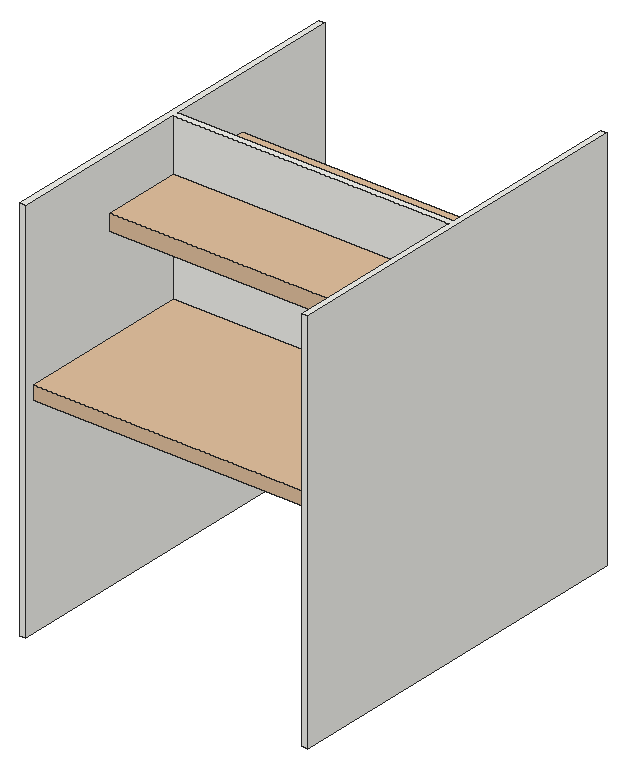
Revit family
Parameters
  Cabine = Stratifié - Ivoire, Mat
  Surface de travail/étagère = Bois - Cerisier
Reference planes
  plane 1 "Centre (avant/arrière)": y = 0
  plane 2: z = 0
  plane 3 "Centre (gauche/droite)": x = 0
  plane 4: x = -457.2
  plane 5: x = -438.15
  plane 6: x = 438.15
  plane 7: x = 457.2
  plane 8: y = -593.725
  plane 9: y = 9.525
  plane 10: y = 593.725
  plane 11: y = -9.525
  plane 12: y = 542.925
  plane 13: y = -542.925
  plane 14: z = 685.8
  plane 15: z = 1066.8
Forms (mm)
  Extrusion 1, solid, material "Stratifié - Ivoire, Mat" <- "Cabine"
    sketch origin (0, 0, 0) x (1, 0, 0) y (0, 1, 0)
      loop
        line (-457.2, 593.725) -> (-457.2, -593.725) -> (-438.15, -593.725) -> (-438.15, -9.525) -> (438.15, -9.525) -> (438.15, -593.725) -> (457.2, -593.725) -> (457.2, 593.725) -> (438.15, 593.725) -> (438.15, 9.525) -> (-438.15, 9.525) -> (-438.15, 593.725) -> (-457.2, 593.725)
    from 0 to 1231.9
  Extrusion 2, solid, material "Bois - Cerisier" <- "Surface de travail/étagère"
    sketch origin (-438.15, -593.725, 1231.9) x (0, 0, -1) y (0, 1, 0)
      loop
        line (546.1, 50.8) -> (546.1, 584.2) -> (520.7, 584.2) -> (520.7, 25.4) -> (565.15, 25.4) -> (565.15, 50.8) -> (546.1, 50.8)
      loop
        line (546.1, 1136.65) -> (565.15, 1136.65) -> (565.15, 1162.05) -> (520.7, 1162.05) -> (520.7, 603.25) -> (546.1, 603.25) -> (546.1, 1136.65)
    from 0 to 876.3
  Extrusion 3, solid, material "Bois - Cerisier" <- "Surface de travail/étagère"
    sketch origin (-457.2, 593.725, 1231.9) x (0, 0, -1) y (0, -1, 0)
      loop
        line (165.1, 584.2) -> (165.1, 330.2) -> (215.9, 330.2) -> (215.9, 342.9) -> (177.8, 342.9) -> (177.8, 584.2) -> (165.1, 584.2)
      loop
        line (165.1, 602.324) -> (177.8, 602.324) -> (177.8, 844.55) -> (215.9, 844.55) -> (215.9, 857.25) -> (165.1, 857.25) -> (165.1, 602.324)
    from -19.05 to -895.35
  Extrusion 4, void
    sketch origin (-438.15, -9.525, 1231.9) x (0, 0, -1) y (1, 0, 0)
      loop
        line (1231.9, 0) -> (1231.9, 876.3) -> (850.9, 876.3) -> (850.9, 0) -> (1231.9, 0)
    from 0 to -25.4
Cuts and joins
  Extrusion 4 cuts Extrusion 1
  Extrusion 4 cuts Extrusion 2
  Extrusion 4 cuts Extrusion 3
Lines and regions (mm)
  symbolic lines
    curve 1: line (-457.2, 593.725, 0) -> (457.2, 593.725, 0)
    curve 2: line (-457.2, -593.725, 0) -> (-457.2, 593.725, 0)
    curve 3: line (457.2, -593.725, 0) -> (-457.2, -593.725, 0)
    curve 4: line (457.2, 593.725, 0) -> (457.2, -593.725, 0)
    curve 5: line (-457.2, 9.525, 0) -> (457.2, 9.525, 0)
    curve 6: line (-457.2, -9.525, 0) -> (457.2, -9.525, 0)
    curve 7: line (-457.2, -263.525, 0) -> (457.2, -263.525, 0)
    curve 8: line (-457.2, 263.525, 0) -> (457.2, 263.525, 0)
Dimensions and locks
  equal spacing: plane 4, plane 3 "Centre (gauche/droite)", plane 7
